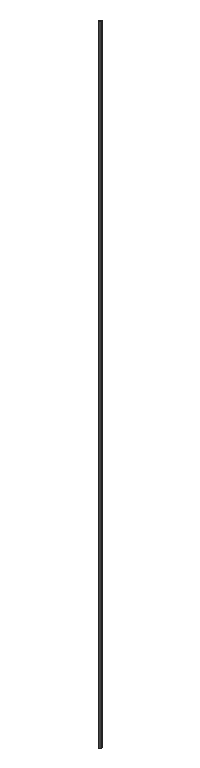
Revit family "SH-7025S", category Lighting Fixtures, host Ceiling, Revit 2017
Family settings
  Host = Ceiling
  Round Connector Dimension = Use Diameter
  Part Type = Normal
  OmniClass Number = 23.80.70.11
  OmniClass Title = Luminaries for Internal Lighting
  Always vertical = Yes
  Cut with Voids When Loaded = No
  Light Source = Yes
  Shared = No
  Room Calculation Point = No
Parameters (values of type "SH-7025S-40W(Black Body-3000K-LED)")
  wattage. = 40 W  # constant formula
  instalation = "Pendant Mounted"
  consumption current = 0.35 A  # constant formula
  color temperature = "3000k"
  color rendering index(CRI) = "80"
  ceiling offset [instance] = 50 cm
  Website = "www.shoaco.com"
  Wattage = 40 W
  Voltage/Frequency = "230V/50HZ"
  built-in parameter 1150110 = 1 (stored number, unit not read)
  URL = "https://www.shoaco.com/fa/product/%DA%86%D8%B1%D8%A7%D8%BA-%D9%87%D8%A7%DB%8C-%D8%B3%D9%82%D9%81%DB%8C-%D8%B1%D9%88%DA%A9%D8%A7%D8%B1/1559-%DA%86%D8%B1%D8%A7%D8%BA-%D8%B3%D9%82%D9%81%D9%89-%D8%B1%D9%88%DA%A9%D8%A7%D8%B1-sh-7025s.html"
  Type medule = "SMD"
  built-in parameter 1114217 = 1 (stored number, unit not read)
  Tilt Angle = 90.00°
  built-in parameter 1150109 = 1 (stored number, unit not read)
  built-in parameter 1150134 = (empty or 0)
  built-in parameter 1150113 = 1 (stored number, unit not read)
  Protection Class = "class I"
  Photometric Web File = "1693315327.ies"
  Model = "SH-7025s"
  Manufacturer = "SHOA"
  Lumens = 3200 lm
  built-in parameter 1150115 = 1 (stored number, unit not read)
  built-in parameter 1150105 = 254.65 (stored number, unit not read)
  built-in parameter 1150137 = (empty or 0)
  built-in parameter 1150139 = (empty or 0)
  built-in parameter 1150112 = 1 (stored number, unit not read)
  built-in parameter 1150114 = 1 (stored number, unit not read)
  Lamp = "LED"
  built-in parameter 1150132 = (empty or 0)
  built-in parameter 1150102 = (empty or 0)
  built-in parameter 1150138 = (empty or 0)
  built-in parameter 1150107 = 3000 (stored number, unit not read)
  built-in parameter 1150106 = 2.5465 (stored number, unit not read)
  IP = "20"
  Flicker = "Free Flicker"
  built-in parameter 1150104 = 7.4322 (stored number, unit not read)
  Dimming Lamp Color Temperature Shift = <None>
  Diameter = 50 cm
  Color Filter = 16777215
  Body color = Black Body
  Body Material = "Aluminum"
  built-in parameter 1114218 = 1 (stored number, unit not read)
  built-in parameter 1150133 = 10 (stored number, unit not read)
Types (5, lengths in cm): name | color temperature | built-in parameter 1150134 | built-in parameter 1150107 | Body color
  (no name) | "3000k" | (empty or 0) | 3000 (stored number, unit not read) | Black Body
  SH-7025S-40W(White Body-4000K-LED) | "4000K" | 12 | 4000 (stored number, unit not read) | White Body
  SH-7025S-40W(White Body-3000K-LED) | "3000k" | (empty or 0) | 3000 (stored number, unit not read) | White Body
  SH-7025S-40W(Black Body-3000K-LED) | "3000k" | (empty or 0) | 3000 (stored number, unit not read) | Black Body
  SH-7025S-40W(Black Body-4000K-LED) | "4000K" | 12 | 4000 (stored number, unit not read) | Black Body
Reference planes (cm)
  plane 1 "Light Source Axis (F/B)": y = 0
  plane 2 "Ceiling": z = 243.84
  plane 3 "Light Source Axis (L/R)": x = 0
  plane 4 "Light Source Elevation": z = 179.4103
  plane 5: z = 188.188
  plane 6: z = 238.188
  plane 7: x = 25
  plane 8: x = -25
Forms (cm)
  Extrusion 1, solid, material "Black Body" <- "Body color"
    sketch origin (0, 0, 243.84) x (1, 0, 0) y (0, 1, 0)
      loop
        circle (0, 0) r 0.0904
    from -5.652 to -55.652
Dimensions and locks (cm)
  equal spacing: host sketch curve, plane 3 "Light Source Axis (L/R)", host sketch curve
  equal spacing: host sketch curve, plane 1 "Light Source Axis (F/B)", host sketch curve
  host sketch curve to host sketch curve = 304.8 cm  (x2)
  "ceiling offset": plane 6 to plane 5
  locked: plane 2 "Ceiling" to plane 6 at 5.652
  locked: plane 5 to plane 4 "Light Source Elevation" at 8.7777
  "Diameter": plane 7 to plane 8
  aligned and locked: plane 3 "Light Source Axis (L/R)" to imposter light
  aligned and locked: plane 1 "Light Source Axis (F/B)" to imposter light
  aligned and locked: imposter light to free form element
  aligned and locked: plane 4 "Light Source Elevation" to free form element
  aligned and locked: host ceiling to free form element
  aligned and locked: plane 2 "Ceiling" to host ceiling
  aligned and locked: plane 2 "Ceiling" to free form element
  aligned and locked: plane 6 to Extrusion 1
  aligned and locked: plane 6 to free form element
  aligned and locked: Extrusion 1 to plane 5
  aligned and locked: free form element to plane 5
  aligned and locked: free form element to Extrusion 1
  aligned and locked: Extrusion 1 to plane 6  (x4)
  aligned and locked: Extrusion 1 to free form element  (x5)
Automatic sketch dimensions
  plane 1 "Light Source Axis (F/B)" to Extrusion 1 sketch curve = 0 cm
  Extrusion 1 sketch curve to plane 3 "Light Source Axis (L/R)" = 0 cm
  radius of Extrusion 1 sketch curve = 0.0904 cm
Connectors (cm)
  electrical at (0, 0, 243.84)
    settings: on host ceiling, index 1, voltage 230 V, apparent load 0 VA, apparent load phase1 0 VA, apparent load phase2 0 VA, apparent load phase3 0 VA, power factor 1, load classification "Other", number of poles 1, system type 31, power factor state 1, is connector primary yes, connector utility no, sub classification motor no, connector description ""
